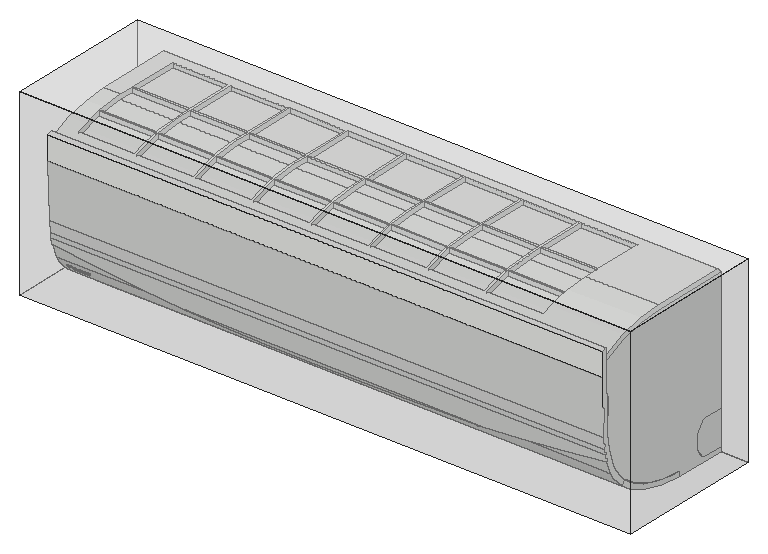
Revit family "outputfile", category 機械設備, Revit 2024
Family settings
  丸型コネクタ寸法 = 半径を使用
  パーツ タイプ = 標準
  OmniClass 番号 = 23.75.10.24.21.27.27
  OmniClass タイトル = Split System Air Conditioning Units
  作業面ベース = いいえ
  常に垂直 = はい
  ロード時にボイドで切り取り = いいえ
  注釈の向きを維持 = いいえ
  共有 = いいえ
  部屋計算ポイント = いいえ
Parameters (values of type "FTXV60W2VMA")
  Description = ""
  書き出し IFC クラス(タイプ) = "IfcUnitaryEquipmentType"
  定義済み IFC タイプ(タイプ) = "AIRCONDITIONINGUNIT"
  Cost = 0
  Type Comments = ""
  Keynote = ""
  Type Image = (empty or 0)
  Assembly Code = ""
  w_wall hole = if(Width = 770.0 mm, 48.0 mm, 60.0 mm)  # 60.0 mm
  製造元 = "Daikin"
  モデル = "FTXV60W2VMA"
  switch_frequency = yes
  r_Liquid Pipe Size = Liquid Pipe Size / 2  # 3.2 mm
  r_Gas Pipe Size = Gas Pipe Size / 2  # 6.35 mm
  r_Drain Pipe Size = Drain Pipe Size / 2  # 8.0 mm
  lw_powersupply [instance] = if(Width = 770.0 mm, if(or(Rear Right Connection_refrigerant, Bottom Right Connection_refrigerant), 25.0 mm, if(or(Rear Left Connection_refrigerant, Bottom Left Connection_refrigerant), 745.0 mm, 400.0 mm)), if(Width = 990.0 mm, if(or(Rear Right Connection_refrigerant, Bottom Right Connection_refrigerant), 40.0 mm, if(or(Rear Left Connection_refrigerant, Bottom Left Connection_refrigerant), 920.0 mm, 400.0 mm)), if(or(Rear Right Connection_refrigerant, Bottom Right Connection_refrigerant), 40.0 mm, if(or(Rear Left Connection_refrigerant, Bottom Left Connection_refrigerant), 920.0 mm, 400.0 mm))))  # 400.0 mm
  lw_liquidpipe [instance] = if(Width = 770.0 mm, if(or(Rear Right Connection_refrigerant, Bottom Right Connection_refrigerant), 0.0 mm, if(or(Rear Left Connection_refrigerant, Bottom Left Connection_refrigerant), 664.0 mm, 385.0 mm)), if(Width = 990.0 mm, if(or(Rear Right Connection_refrigerant, Bottom Right Connection_refrigerant), 0.0 mm, if(or(Rear Left Connection_refrigerant, Bottom Left Connection_refrigerant), 664.0 mm + (990.0 mm - 770.0 mm), 475.0 mm)), if(or(Rear Right Connection_refrigerant, Bottom Right Connection_refrigerant), 0.0 mm, if(or(Rear Left Connection_refrigerant, Bottom Left Connection_refrigerant), 664.0 mm + (990.0 mm - 770.0 mm), 475.0 mm))))  # 475.0 mm
  lw_gaspipe [instance] = if(Width = 770.0 mm, if(or(Rear Right Connection_refrigerant, Bottom Right Connection_refrigerant), 0.0 mm, if(or(Rear Left Connection_refrigerant, Bottom Left Connection_refrigerant), 675.0 mm, if(Gas Pipe Size = 12.7 mm, 345.0 mm, 335.0 mm))), if(Width = 990.0 mm, if(or(Rear Right Connection_refrigerant, Bottom Right Connection_refrigerant), 10.0 mm, if(or(Rear Left Connection_refrigerant, Bottom Left Connection_refrigerant), 890.0 mm, if(Gas Pipe Size = 15.9 mm, 410.0 mm, 400.0 mm))), if(or(Rear Right Connection_refrigerant, Bottom Right Connection_refrigerant), 10.0 mm, if(or(Rear Left Connection_refrigerant, Bottom Left Connection_refrigerant), 890.0 mm, if(Gas Pipe Size = 15.9 mm, 410.0 mm, 400.0 mm)))))  # 400.0 mm
  lw_drainpipe [instance] = if(Width = 770.0 mm, if(or(Rear Right Connection_refrigerant, Bottom Right Connection_refrigerant), 0.0 mm, if(or(Rear Left Connection_refrigerant, Bottom Left Connection_refrigerant), 770.0 mm - 48.0 mm - 48.0 mm, 440.0 mm)), if(Width = 990.0 mm, if(or(Rear Right Connection_refrigerant, Bottom Right Connection_refrigerant), 0.0 mm, if(or(Rear Left Connection_refrigerant, Bottom Left Connection_refrigerant), 675.0 mm + (990.0 mm - 770.0 mm), 435.0 mm)), if(or(Rear Right Connection_refrigerant, Bottom Right Connection_refrigerant), 0.0 mm, if(or(Rear Left Connection_refrigerant, Bottom Left Connection_refrigerant), 675.0 mm + (990.0 mm - 770.0 mm), 435.0 mm))))  # 435.0 mm
  l_powersupply_length [instance] = if(Width = 770.0 mm, if(Right Connection_refrigerant, 400.0 mm, if(Left Connection_refrigerant, 770.0 mm - 400.0 mm, if(or(Rear Left Connection_refrigerant, Rear Right Connection_refrigerant), 15.0 mm, 50.0 mm))), if(Width = 990.0 mm, if(Right Connection_refrigerant, 400.0 mm, if(Left Connection_refrigerant, 990.0 mm - 400.0 mm, if(or(Rear Left Connection_refrigerant, Rear Right Connection_refrigerant), 15.0 mm, 50.0 mm))), if(Right Connection_refrigerant, 400.0 mm, if(Left Connection_refrigerant, 990.0 mm - 400.0 mm, if(or(Rear Left Connection_refrigerant, Rear Right Connection_refrigerant), 15.0 mm, 50.0 mm)))))  # 400.0 mm
  l_liquidpipe_length [instance] = if(Width = 770.0 mm, if(Right Connection_refrigerant, 433.0 mm, if(Left Connection_refrigerant, 337.0 mm, if(or(Rear Left Connection_refrigerant, Rear Right Connection_refrigerant), 30.0 mm, 40.0 mm))), if(Width = 990.0 mm, if(Right Connection_refrigerant, 535.0 mm, if(Left Connection_refrigerant, 455.0 mm, if(or(Rear Left Connection_refrigerant, Rear Right Connection_refrigerant), 30.0 mm, 40.0 mm))), if(Right Connection_refrigerant, 535.0 mm, if(Left Connection_refrigerant, 455.0 mm, if(or(Rear Left Connection_refrigerant, Rear Right Connection_refrigerant), 30.0 mm, 40.0 mm)))))  # 535.0 mm
  l_gaspipe_length [instance] = if(Width = 770.0 mm, if(Right Connection_refrigerant, if(Gas Pipe Size = 12.7 mm, 393.0 mm, 383.0 mm), if(Left Connection_refrigerant, if(Gas Pipe Size = 12.7 mm, 770.0 mm - 393.0 mm, 770.0 mm - 383.0 mm), if(or(Rear Left Connection_refrigerant, Rear Right Connection_refrigerant), 40.0 mm, 50.0 mm))), if(Width = 990.0 mm, if(Right Connection_refrigerant, if(Gas Pipe Size = 15.9 mm, 470.0 mm, 460.0 mm), if(Left Connection_refrigerant, if(Gas Pipe Size = 15.9 mm, 990.0 mm - 470.0 mm, 990.0 mm - 460.0 mm), if(or(Rear Left Connection_refrigerant, Rear Right Connection_refrigerant), 40.0 mm, 50.0 mm))), if(Right Connection_refrigerant, if(Gas Pipe Size = 15.9 mm, 470.0 mm, 460.0 mm), if(Left Connection_refrigerant, if(Gas Pipe Size = 15.9 mm, 990.0 mm - 470.0 mm, 990.0 mm - 460.0 mm), if(or(Rear Left Connection_refrigerant, Rear Right Connection_refrigerant), 40.0 mm, 50.0 mm)))))  # 460.0 mm
  l_drainpipe_length [instance] = if(Width = 770.0 mm, if(Right Connection_refrigerant, 488.0 mm, if(Left Connection_refrigerant, 282.0 mm, if(or(Rear Left Connection_refrigerant, Rear Right Connection_refrigerant), 15.0 mm, 20.0 mm))), if(Width = 990.0 mm, if(Right Connection_refrigerant, 495.0 mm, if(Left Connection_refrigerant, 495.0 mm, if(or(Rear Left Connection_refrigerant, Rear Right Connection_refrigerant), 15.0 mm, 20.0 mm))), if(Right Connection_refrigerant, 495.0 mm, if(Left Connection_refrigerant, 495.0 mm, if(or(Rear Left Connection_refrigerant, Rear Right Connection_refrigerant), 15.0 mm, 20.0 mm)))))  # 495.0 mm
  h*** = 0.0 mm  # constant formula
  connector_voltage = Voltage_50Hz  # 230 V
  connector_powerinput = if([Power Input (Cooling)] > [Power Input (Heating)], [Power Input (Cooling)], [Power Input (Heating)])  # 0.000 kW
  connector_phase = Phase_50Hz  # 1
  angle_vertical [instance] = if(or(Bottom Left Connection_refrigerant, Bottom Right Connection_refrigerant), 0.00°, 90.00°)  # 90.00°
  angle_horizontal [instance] = if(Right Connection_refrigerant, 90.00°, if(Left Connection_refrigerant, -90.00°, if(or(Rear Left Connection_refrigerant, Rear Right Connection_refrigerant), 180.00°, 0.00°)))  # 90.00°
  Width = 990.0 mm
  Voltage_comment_50Hz = "220 - 240"
  Voltage_50Hz = 230 V
  Version = "ver.1.0"
  Unit Type = "Wall Mounted"
  Unit Mass Weight = 13.00 kg
  Unit Designation [instance] = ""
  Uniclass2015Version = "Products v1.30"
  Uniclass2015Title = "Split coil room air conditioning units"
  Uniclass2015Code = "Pr_70_65_03_86"
  URL = ""
  Total Heating Capacity [instance] = 0.000 kW
  Total Cooling Capacity [instance] = 0.000 kW
  Sound Pressure Level_M speed (dBA) = 42
  Sound Pressure Level_L speed (dBA) = 36
  Sound Pressure Level_H speed (dBA) = 48
  Sound Power Level_H speed (dB) = 0
  Series = "Single Split_Fan Coil Unit"
  Sensible Cooling Capacity [instance] = 0.000 kW
  Refrigerant Type = "R32"
  Power Input (Heating) = 0.000 kW
  Power Input (Cooling) = 0.000 kW
  Phase_50Hz = 1
  Option Accessory 3 [instance] = ""
  Option Accessory 2 [instance] = ""
  Option Accessory 1 [instance] = ""
  Nominal Heating Capacity = 7.200 kW
  Nominal Cooling Capacity = 6.000 kW
  Minimum Circuit Amps_50Hz = 0.0 A
  Minimum Airflow = 720.00 m³/h
  Median Airflow = 900.00 m³/h
  Maximum Fuse Amps_50Hz = 0.0 A
  Maximum Airflow = 1120.00 m³/h
  Material_Casing = DAIKIN_PureWhite_Casing_indoorunit
  Load Classification = HVAC
  Liquid Pipe Size = 6.4 mm
  Link_Nested Family [instance] = ""
  IfcVersion = ""
  IfcExportType = "AIRCONDITIONINGUNIT"
  IfcExportAs = "IfcUnitaryEquipmentType"
  Height = 295.0 mm
  Heating Entering Wet Bulb Temperature [instance] = -273.15 °C
  Heating Entering Dry Bulb Temperature [instance] = -273.15 °C
  Heating Ambient Wet Bulb Temperature [instance] = -273.15 °C
  Heating Ambient Dry Bulb Temperature [instance] = -273.15 °C
  Heat Exchanger Type = "Cross Fin Coil"
  Gas Pipe Size = 12.7 mm
  Frequency_50Hz = 50 Hz
  Fan Type = "Cross Flow Fan"
  Fan Drive = "Direct Drive"
  FCU Tag No. [instance] = ""
  Drain Pipe Size = 16.0 mm
  Design Supply Airflow [instance] = 0.00 m³/h
  Depth = 263.0 mm
  既定の高さ = 0.0 mm
  Cooling Entering Wet Bulb Temperature [instance] = 0.00 °C
  Cooling Entering Dry Bulb Temperature [instance] = 0.00 °C
  Cooling Ambient Wet Bulb Temperature [instance] = 0.00 °C
  Cooling Ambient Dry Bulb Temperature [instance] = 0.00 °C
  Clearance visibility [instance] = yes
  Clearance Top = 30.0 mm
  Clearance Right = 50.0 mm
  Clearance Rear = 0.0 mm
  Clearance Left = 50.0 mm
  Clearance Front = 0.0 mm
  Clearance Bottom = 0.0 mm
  Bottom Right Connection_refrigerant [instance] = no
  Bottom Left Connection_refrigerant [instance] = no
  Rear Right Connection_refrigerant [instance] = no
  Rear Left Connection_refrigerant [instance] = no
  Right Connection_refrigerant [instance] = yes
  Left Connection_refrigerant [instance] = no
Reference planes
  plane 1 "Back": y = 0
  plane 2: z = 0
  plane 3 "Center (Left/Right)": x = 0
  plane 4 "Center (Front/Back)": y = -131.5
  plane 5 "Front": y = -263
  plane 6 "Left": x = -495
  plane 7 "Right": x = 495
  plane 8 "Top": z = 0
  plane 9 "Bottom": z = -295
  plane 10: x = -545
  plane 11: x = 545
  plane 12: y = 0
  plane 13: y = -263
  plane 14: z = 30
  plane 15: z = -295
  plane 16 "lw_Piping and Wiring intake": x = 435
  plane 17 "lw_gaspipe": x = 35
  plane 18 "lw_liquidpipe": x = -40
  plane 19 "lw_drainpipe": x = 0
  plane 20 "lh_drainpipe": z = -275
  plane 21 "lh_liquidpipe": z = -255
  plane 22 "lh_gaspipe": z = -245
  plane 23 "ld_drainpipe": y = -15
  plane 24 "ld_liquidpipe": y = -30
  plane 25 "ld_gaspipe": y = -40
  plane 26 "lw_powersupply": x = 95
Dimensions and locks
  equal spacing: plane 6 "Left", plane 3 "Center (Left/Right)", plane 7 "Right"
  "Width": plane 6 "Left" to plane 7 "Right"
  equal spacing: plane 5 "Front", plane 4 "Center (Front/Back)", plane 1 "Back"
  "Depth": plane 5 "Front" to plane 1 "Back"
  "Height": plane 8 "Top" to plane 9 "Bottom"
  "Clearance Rear": plane 12 to plane 1 "Back"
  "Clearance Front": plane 13 to plane 5 "Front"
  "Clearance Top": plane 14 to plane 8 "Top"
  "Clearance Bottom": plane 9 "Bottom" to plane 15
  "w_wall hole": plane 16 "lw_Piping and Wiring intake" to plane 7 "Right"
  "lw_gaspipe": plane 17 "lw_gaspipe" to plane 16 "lw_Piping and Wiring intake"
  "lw_liquidpipe": plane 18 "lw_liquidpipe" to plane 16 "lw_Piping and Wiring intake"
  "lw_drainpipe": plane 19 "lw_drainpipe" to plane 16 "lw_Piping and Wiring intake"
  locked: plane 20 "lh_drainpipe" to plane 9 "Bottom" at 20
  locked: plane 21 "lh_liquidpipe" to plane 9 "Bottom" at 40
  locked: plane 22 "lh_gaspipe" to plane 9 "Bottom" at 50
  locked: plane 23 "ld_drainpipe" to plane 1 "Back" at 15
  locked: plane 1 "Back" to plane 24 "ld_liquidpipe" at 30
  locked: plane 1 "Back" to plane 25 "ld_gaspipe" at 40
  "lw_powersupply": plane 26 "lw_powersupply" to plane 7 "Right"
  "Clearance Right": plane 7 "Right" to plane 11
  "Clearance Left": plane 10 to plane 6 "Left"
  aligned and locked: level to plane 2
  aligned and locked: plane 12 to nested 1
  aligned and locked: nested 1 to plane 13
  aligned and locked: plane 10 to nested 1
  aligned and locked: plane 11 to nested 1
  aligned and locked: plane 15 to nested 1
  aligned and locked: plane 14 to nested 1
  aligned and locked: plane 17 "lw_gaspipe" to nested 2
  aligned and locked: nested 2 to plane 25 "ld_gaspipe"
  aligned and locked: plane 18 "lw_liquidpipe" to nested 3
  aligned and locked: nested 3 to plane 24 "ld_liquidpipe"
  aligned and locked: plane 19 "lw_drainpipe" to nested 4
  aligned and locked: nested 4 to plane 23 "ld_drainpipe"
  aligned and locked: nested 5 to plane 23 "ld_drainpipe"
  aligned and locked: plane 26 "lw_powersupply" to nested 5
  aligned and locked: level to plane 8 "Top"
  aligned and locked: plane 3 "Center (Left/Right)" to nested 6
  aligned and locked: plane 1 "Back" to nested 6
  aligned and locked: plane 8 "Top" to nested 6
Nested families
  nested 1: "daikin_clearancespace" at (0, -131.5, -132.381), show <- "Clearance visibility", visible <- "Clearance visibility", Link_Nested Family <- "Link_Nested Family", type "daikin_clearancespace"
    with width 1090.0 mm, show yes, height 325.0 mm, depth 263.0 mm, Link_Nested Family ""
  nested 2: "daikin_connector_rotate3" at (35, -40, -245), angle_vertical <- "angle_vertical", angle_horizontal <- "angle_horizontal", length <- "l_gaspipe_length", radius <- "r_Gas Pipe Size", type "daikin_connector_rotate3"
    with show no, radius 6.35 mm, length 460.0 mm, angle_vertical 90.00°, angle_horizontal 90.00°
  nested 3: "daikin_connector_rotate3" at (-40, -30, -255), angle_vertical <- "angle_vertical", angle_horizontal <- "angle_horizontal", radius <- "r_Liquid Pipe Size", length <- "l_liquidpipe_length", type "daikin_connector_rotate3"
    with show no, radius 3.2 mm, length 535.0 mm, angle_vertical 90.00°, angle_horizontal 90.00°
  nested 4: "daikin_connector_rotate3" at (0, -15, -275), angle_vertical <- "angle_vertical", angle_horizontal <- "angle_horizontal", length <- "l_drainpipe_length", radius <- "r_Drain Pipe Size", type "daikin_connector_rotate3"
    with show no, radius 8.0 mm, length 495.0 mm, angle_vertical 90.00°, angle_horizontal 90.00°
  nested 5: "daikin_connector_rotate3" at (95, -15, -245), angle_vertical <- "angle_vertical", angle_horizontal <- "angle_horizontal", length <- "l_powersupply_length", type "daikin_connector_rotate3"
    with show no, radius 10.0 mm, length 400.0 mm, angle_vertical 90.00°, angle_horizontal 90.00°
  nested 6: "DAIKIN_indoorunit_FTXV-W2VMA" at (-31, 0, 0), type "FTXV-W2VMA"
    with switch_unit1_50-71 yes, switch_unit1_20-46 no, Width 990.0 mm, WALL HOLE-R 60.0 mm, WALL HOLE Size 80.0 mm, Height 295.0 mm
Connectors
  piping at (495, -40, -245), diameter 12.7, driven by "r_Gas Pipe Size"
    settings: on nested 2, index 1, connector inside diameter 609.6 mm, connector length 0.0 mm, flow factor 0, pipe flow 0.00 m³/h, pressure drop 0.0 Pa, fitting loss kfactor 0, connector angle 0.00°, fixture units 0, engagement length 0.0 mm, angle of deflection 0.00°, flow configuration 1, flow direction 2, fitting loss method 0, system type 29, joint type 0, gender type 0, connector reference index -1, connector utility 0, adjustable connector no, is connector primary yes, connector description "Refrigerant Gas Piping"
  piping at (495, -30, -255), diameter 6.4, driven by "r_Liquid Pipe Size"
    settings: on nested 3, index 2, connector inside diameter 609.6 mm, connector length 0.0 mm, flow factor 0, pipe flow 0.00 m³/h, pressure drop 0.0 Pa, fitting loss kfactor 0, connector angle 0.00°, fixture units 0, engagement length 0.0 mm, angle of deflection 0.00°, flow configuration 1, flow direction 1, fitting loss method 0, system type 29, joint type 0, gender type 0, connector reference index -1, connector utility 0, adjustable connector no, is connector primary no, connector description "Refrigerant Liquid Piping"
  piping at (495, -15, -275), diameter 16, driven by "r_Drain Pipe Size"
    settings: on nested 4, index 3, connector inside diameter 609.6 mm, connector length 0.0 mm, flow factor 0, pipe flow 0.00 m³/h, pressure drop 0.0 Pa, fitting loss kfactor 0, connector angle 0.00°, fixture units 0, engagement length 0.0 mm, angle of deflection 0.00°, flow configuration 1, flow direction 2, fitting loss method 4, system type 16, joint type 0, gender type 0, connector reference index -1, connector utility 0, adjustable connector no, is connector primary no, connector description "Condensate Drain Piping"
  electrical at (495, -15, -245), driven by "Load Classification", driven by "connector_phase", driven by "connector_powerinput", driven by "connector_voltage"
    settings: on nested 5, index 4, voltage 230 V, apparent load 0 VA, apparent load phase1 0 VA, apparent load phase2 0 VA, apparent load phase3 0 VA, power factor 1, load classification "HVAC", number of poles 1, system type 30, power factor state 1, is connector primary yes, connector utility no, sub classification motor no, connector description "Power Supply"
Definition of nested family "daikin_clearancespace"
  Parameters (values of type "daikin_clearancespace")
    Description = "daikin_clearancespace"
    width [instance] = 1823.963 mm
    show [instance] = yes
    material = none
    height [instance] = 1359.762 mm
    depth [instance] = 880.0 mm
    Default Elevation = 0.0 mm
    Link_Nested Family [instance] = ""
  Reference planes
    plane 1 "Center (Front/Back)": y = 0
    plane 2 "Center (Elevation)": z = -0.119
    plane 3 "Center (Left/Right)": x = 0
    plane 4: y = 440
    plane 5: y = -440
    plane 6 "Right": x = 911.982
    plane 7 "Left": x = -911.982
    plane 8 "Top": z = 679.762
    plane 9 "Bottom": z = -680
  Forms (mm)
    Extrusion 1, solid, material <- "material", visible <- "show"
      sketch origin (0, 0, 0) x (1, 0, 0) y (0, 1, 0)
        loop
          line (-911.982, 440) -> (-911.982, -440) -> (911.982, -440) -> (911.982, 440) -> (-911.982, 440)
      from -680 to 679.762
  Lines and regions (mm)
    symbolic lines, visible <- "show"
      curve 1: line (911.982, 440, 0) -> (-911.982, 440, 0)
      curve 2: line (-911.982, 440, 0) -> (-911.982, -440, 0)
      curve 3: line (-911.982, -440, 0) -> (911.982, -440, 0)
      curve 4: line (911.982, -440, 0) -> (911.982, 440, 0)
      curve 5: line (911.982, 0, 679.762) -> (-911.982, 0, 679.762)
      curve 6: line (911.982, 0, -680) -> (911.982, 0, 679.762)
      curve 7: line (-911.982, 0, -680) -> (911.982, 0, -680)
      curve 8: line (-911.982, 0, 679.762) -> (-911.982, 0, -680)
      curve 9: line (0, 440, 679.762) -> (0, -440, 679.762)
      curve 10: line (0, -440, 679.762) -> (0, -440, -680)
      curve 11: line (0, 440, -680) -> (0, 440, 679.762)
      curve 12: line (0, -440, -680) -> (0, 440, -680)
  Dimensions and locks
    "width": plane 7 "Left" to plane 6 "Right"
    "depth": plane 4 to plane 5
    "height": plane 8 "Top" to plane 9 "Bottom"
    equal spacing: plane 7 "Left", plane 3 "Center (Left/Right)", plane 6 "Right"
    equal spacing: plane 4, plane 1 "Center (Front/Back)", plane 5
    equal spacing: plane 8 "Top", plane 2 "Center (Elevation)", plane 9 "Bottom"
    aligned and locked: level to plane 2 "Center (Elevation)"
    aligned and locked: Extrusion 1 sketch curve to plane 4
    aligned and locked: plane 7 "Left" to Extrusion 1 sketch curve
    aligned and locked: Extrusion 1 sketch curve to plane 5
    aligned and locked: Extrusion 1 sketch curve to plane 6 "Right"
    aligned and locked: plane 8 "Top" to Extrusion 1
    aligned and locked: curve 1 to Extrusion 1
    aligned and locked: curve 2 to Extrusion 1
    aligned and locked: curve 3 to Extrusion 1
    aligned and locked: curve 4 to Extrusion 1
    aligned and locked: curve 5 to Extrusion 1
    aligned and locked: curve 6 to Extrusion 1
    aligned and locked: curve 7 to Extrusion 1
    aligned and locked: curve 8 to Extrusion 1
    aligned and locked: curve 9 to Extrusion 1
    aligned and locked: curve 10 to Extrusion 1
    aligned and locked: curve 11 to Extrusion 1
    aligned and locked: curve 12 to Extrusion 1
    aligned and locked: Extrusion 1 to plane 9 "Bottom"
Definition of nested family "DAIKIN_indoorunit_FTXV-W2VMA"
  Parameters (values of type "FTKM-QVMA")
    switch_unit1_50-71 = Width = 990.0 mm  # no
    switch_unit1_20-46 = Width = 770.0 mm  # yes
    Width = 770.0 mm
    WALL HOLE-R = if(Width = 770.0 mm, 48.0 mm, 60.0 mm)  # 48.0 mm
    WALL HOLE Size = if(Width = 770.0 mm, 65.0 mm, 80.0 mm)  # 65.0 mm
    Material_Casing = none
    Height = if(Width = 770.0 mm, 285.0 mm, 295.0 mm)  # 285.0 mm
    Default Elevation = 0.0 mm
  Reference planes
    plane 1 "Center (Front/Back)": y = 0
    plane 2 "reference_level": z = 0
    plane 3 "Center (Left/Right)": x = 31
    plane 4: x = -354
    plane 5: x = 416
    plane 6: z = -285
  Forms (mm)
    Extrusion 1, solid, material <- "Material_Casing", visible <- "switch_unit1_20-46"
      sketch origin (29, 0, 0) x (0, 1, 0) y (0, 0, 1)
        loop
          line (-5, 0) -> (-98, 0)
          arc (-98, 0) -> (-157.611, -7.211) -> (-213.783, -28.427) r 250
          arc (-213.783, -28.427) -> (-213.842, -32.972) -> (-213.892, -37.516) r 2191
          arc (-213.892, -37.516) -> (-157.832, -15.495) -> (-98.07, -8) r 242
          line (-98.07, -8) -> (0, -8) -> (-5, 0)
      from -383 to 387
    Extrusion 2, solid, material <- "Material_Casing", visible <- "switch_unit1_20-46"
      sketch origin (416, 1296.25, 1200) x (0, 1, 0) y (0, 0, 1)
        loop
          line (-1472.998, -1446.91) -> (-1476.998, -1453.839)
          arc (-1476.998, -1453.839) -> (-1437.481, -1472.422) -> (-1395.25, -1483.538) r 240
          line (-1395.25, -1483.538) -> (-1395.25, -1475.422)
          arc (-1395.25, -1475.422) -> (-1435.407, -1464.663) -> (-1472.998, -1446.91) r 232
      from 0 to -47.5
    Extrusion 3, solid, material <- "Material_Casing", visible <- "switch_unit1_20-46"
      sketch origin (29, 0, 0) x (0, 1, 0) y (0, 0, 1)
        loop
          arc (-223, -60.455) -> (-222.414, -110.646) -> (-220.656, -160.81) r 2149.92
          arc (-220.656, -160.81) -> (-219.65, -174.299) -> (-217.853, -187.706) r 229.911
          arc (-217.853, -187.706) -> (-205.371, -223.594) -> (-181.517, -253.17) r 111
          line (-181.517, -253.17) -> (-177.429, -246.093)
          arc (-177.429, -246.093) -> (-198.77, -218.989) -> (-209.965, -186.36) r 103
          arc (-209.965, -186.36) -> (-211.681, -173.586) -> (-212.651, -160.735) r 221.844
          arc (-212.651, -160.735) -> (-214.739, -93.233) -> (-214.74, -25.699) r 2186.828
          arc (-214.74, -25.699) -> (-214.671, -21.467) -> (-214.594, -17.235) r 2192
          line (-214.594, -17.235) -> (-223, -19.961) -> (-223, -60.455)
      from -383 to 387
    Extrusion 4, solid, material <- "Material_Casing", visible <- "switch_unit1_20-46"
      sketch origin (29, 0, 0) x (0, 1, 0) y (0, 0, 1)
        loop
          line (-181.517, -253.17) -> (-179.597, -249.846)
          arc (-179.597, -249.846) -> (-202.009, -221.399) -> (-213.189, -186.952) r 103
          line (-213.189, -186.952) -> (-217.853, -187.706)
          arc (-217.853, -187.706) -> (-217.533, -189.556) -> (-217.182, -191.4) r 111
          arc (-217.182, -191.4) -> (-213.806, -208.181) -> (-210.362, -224.948) r 4257.809
          arc (-210.362, -224.948) -> (-198.886, -237.857) -> (-186.225, -249.607) r 180
          line (-186.225, -249.607) -> (-181.517, -253.17)
      from -383 to 387
    Extrusion 5, solid, material <- "Material_Casing", visible <- "switch_unit1_20-46"
      sketch origin (29, 0, -20) x (0, 1, 0) y (0, 0, 1)
        loop
          line (0, -265) -> (0, 12) -> (-98.07, 12)
          arc (-98.07, 12) -> (-157.832, 4.505) -> (-213.892, -17.516) r 242
          arc (-213.892, -17.516) -> (-213.638, -79.114) -> (-211.653, -140.681) r 2191
          arc (-211.653, -140.681) -> (-210.685, -153.501) -> (-208.973, -166.243) r 221
          arc (-208.973, -166.243) -> (-197.471, -199.282) -> (-175.482, -226.491) r 102
          arc (-175.482, -226.491) -> (-138.004, -244.019) -> (-98, -254.579) r 231
          line (-98, -254.579) -> (-98, -265) -> (0, -265)
      from -383 to 387
    Extrusion 6, solid, material <- "Material_Casing", visible <- "switch_unit1_20-46"
      sketch origin (-354, 1296.25, 1200) x (0, 1, 0) y (0, 0, 1)
        loop
          line (-1472.998, -1446.91) -> (-1476.998, -1453.839)
          arc (-1476.998, -1453.839) -> (-1437.481, -1472.422) -> (-1395.25, -1483.538) r 240
          line (-1395.25, -1483.538) -> (-1395.25, -1475.422)
          arc (-1395.25, -1475.422) -> (-1435.407, -1464.663) -> (-1472.998, -1446.91) r 232
      from 47 to 0
    Extrusion 7, solid, material <- "Material_Casing", visible <- "switch_unit1_20-46"
      sketch origin (416, 1296.25, 1200) x (0, 1, 0) y (0, 0, 1)
        loop
          line (-1472.998, -1446.91) -> (-1476.998, -1453.839)
          arc (-1476.998, -1453.839) -> (-1443.437, -1470.168) -> (-1407.75, -1481.097) r 240
          line (-1407.75, -1481.097) -> (-1407.75, -1472.894)
          arc (-1407.75, -1472.894) -> (-1441.363, -1462.385) -> (-1472.998, -1446.91) r 232
      from -116.993 to -48.493
    Extrusion 8, solid, material <- "Material_Casing", visible <- "switch_unit1_20-46"
      sketch origin (416, 1296.25, 1200) x (0, 1, 0) y (0, 0, 1)
        loop
          line (-1472.998, -1446.91) -> (-1476.998, -1453.839)
          arc (-1476.998, -1453.839) -> (-1443.437, -1470.168) -> (-1407.75, -1481.097) r 240
          line (-1407.75, -1481.097) -> (-1407.75, -1472.894)
          arc (-1407.75, -1472.894) -> (-1441.363, -1462.385) -> (-1472.998, -1446.91) r 232
      from -717 to -121.993
    Extrusion 9, void
      sketch origin (31, 0, -235) x (1, 0, 0) y (0, 1, 0)
        loop
          line (-252.674, -22.316) -> (-354.941, -22.316) -> (-354.941, -91.341) -> (-252.674, -91.341) -> (-252.674, -22.316)
        loop
          line (-249.341, -91.341) -> (-151.574, -91.341) -> (-151.574, -22.316) -> (-249.341, -22.316) -> (-249.341, -91.341)
        loop
          line (58.309, -22.316) -> (-148.309, -22.316) -> (-148.309, -91.341) -> (58.309, -91.341) -> (58.309, -22.316)
        loop
          line (61.689, -22.316) -> (61.689, -91.341) -> (159.457, -91.341) -> (159.457, -22.316) -> (61.689, -22.316)
        loop
          line (162.789, -22.316) -> (162.789, -91.341) -> (265.057, -91.341) -> (265.057, -22.316) -> (162.789, -22.316)
        loop
          line (-354.941, -94.659) -> (-354.941, -165.259) -> (-252.674, -165.259) -> (-252.674, -94.659) -> (-354.941, -94.659)
        loop
          line (-249.341, -94.659) -> (-249.341, -165.259) -> (-151.574, -165.259) -> (-151.574, -94.659) -> (-249.341, -94.659)
        loop
          line (-148.309, -94.659) -> (-148.309, -165.259) -> (58.309, -165.259) -> (58.309, -94.659) -> (-148.309, -94.659)
        loop
          line (61.689, -94.659) -> (61.689, -165.259) -> (159.457, -165.259) -> (159.457, -94.659) -> (61.689, -94.659)
        loop
          line (162.789, -94.659) -> (162.789, -165.259) -> (265.057, -165.259) -> (265.057, -94.659) -> (162.789, -94.659)
        loop
          line (-354.941, -167.382) -> (-354.941, -192.681) -> (-252.674, -192.681) -> (-252.674, -167.382) -> (-354.941, -167.382)
        loop
          line (-249.341, -167.382) -> (-249.341, -192.681) -> (-151.574, -192.681) -> (-151.574, -167.382) -> (-249.341, -167.382)
        loop
          line (-148.309, -167.382) -> (-148.309, -192.681) -> (58.309, -192.681) -> (58.309, -167.382) -> (-148.309, -167.382)
        loop
          line (159.457, -167.382) -> (61.689, -167.382) -> (61.689, -192.681) -> (159.457, -192.681) -> (159.457, -167.382)
        loop
          line (265.057, -167.382) -> (162.789, -167.382) -> (162.789, -192.681) -> (265.057, -192.681) -> (265.057, -167.382)
      from 201.638 to 250
    Extrusion 10, void
      sketch origin (31, 0, 0) x (1, 0, 0) y (0, 0, 1)
        loop
          arc (597, -174.907) -> (0.056, -245.263) -> (-597, -175.856) r 2585.042
          line (-597, -175.856) -> (-597, -352.872) -> (597, -352.872) -> (597, -174.907)
      from 173 to 315.3
    Extrusion 11, solid, material <- "Material_Casing"
      sketch origin (31, 0, 0) x (1, 0, 0) y (0, 0, 1)
        loop
          circle (337, -240.5) r 32.5
        loop
          circle (-337, -240.5) r 32.5
      from 0 to 5
    Extrusion 12, solid, material <- "Material_Casing", visible <- "switch_unit1_20-46"
      sketch origin (416, 1296.25, 1200) x (0, -1, 0) y (0, 0, 1)
        loop
          line (1326.25, -1417) -> (1296.25, -1417) -> (1296.25, -1477) -> (1326.25, -1477)
          arc (1326.25, -1477) -> (1340.393, -1471.142) -> (1346.25, -1457) r 20
          line (1346.25, -1457) -> (1346.25, -1437)
          arc (1346.25, -1437) -> (1340.393, -1422.858) -> (1326.25, -1417) r 20
      from 0 to 5
    Extrusion 13, solid, material <- "Material_Casing", visible <- "switch_unit1_20-46"
      sketch origin (-354, 1296.25, 1200) x (0, 1, 0) y (0, 0, 1)
        loop
          line (-1296.25, -1417) -> (-1326.25, -1417)
          arc (-1326.25, -1417) -> (-1340.393, -1422.858) -> (-1346.25, -1437) r 20
          line (-1346.25, -1437) -> (-1346.25, -1457)
          arc (-1346.25, -1457) -> (-1340.393, -1471.142) -> (-1326.25, -1477) r 20
          line (-1326.25, -1477) -> (-1296.25, -1477) -> (-1296.25, -1417)
      from 0 to 5
    Extrusion 14, solid, material <- "Material_Casing", visible <- "switch_unit1_20-46"
      sketch origin (31, 0, -285) x (-1, 0, 0) y (0, -1, 0)
        loop
          line (-314, 0) -> (-314, 30)
          arc (-314, 30) -> (-319.858, 44.142) -> (-334, 50) r 20
          line (-334, 50) -> (-354, 50)
          arc (-354, 50) -> (-368.142, 44.142) -> (-374, 30) r 20
          line (-374, 30) -> (-374, 0) -> (-314, 0)
        loop
          line (374, 0) -> (374, 30)
          arc (374, 30) -> (368.142, 44.142) -> (354, 50) r 20
          line (354, 50) -> (334, 50)
          arc (334, 50) -> (319.858, 44.142) -> (314, 30) r 20
          line (314, 30) -> (314, 0) -> (374, 0)
      from 0 to 5
    Extrusion 15, solid, material <- "Material_Casing", visible <- "switch_unit1_50-71"
      sketch origin (31, 0, 0) x (0, 1, 0) y (0, 0, 1)
        loop
          line (-5, 0) -> (-138, 0)
          arc (-138, 0) -> (-197.611, -7.211) -> (-253.783, -28.427) r 250
          arc (-253.783, -28.427) -> (-253.838, -32.687) -> (-253.886, -36.946) r 2191
          arc (-253.886, -36.946) -> (-197.73, -15.346) -> (-138.014, -8) r 246.393
          line (-138.014, -8) -> (0, -8) -> (-5, 0)
      from -495 to 495
    Extrusion 16, solid, material <- "Material_Casing", visible <- "switch_unit1_50-71"
      sketch origin (418, 1296.25, 1200) x (0, 1, 0) y (0, 0, 1)
        loop
          arc (-1515.208, -1454.149) -> (-1506.856, -1460.599) -> (-1497.925, -1466.219) r 110
          arc (-1497.925, -1466.219) -> (-1445.718, -1487.493) -> (-1389.844, -1494.995) r 223
          line (-1389.844, -1494.995) -> (-1389.844, -1486.086) -> (-1404.386, -1486.086)
          arc (-1404.386, -1486.086) -> (-1449.542, -1477.46) -> (-1491.818, -1459.402) r 214.289
          arc (-1491.818, -1459.402) -> (-1501.056, -1453.541) -> (-1509.606, -1446.715) r 101
          line (-1509.606, -1446.715) -> (-1515.208, -1454.149)
      from 108 to 57.5
    Extrusion 17, solid, material <- "Material_Casing", visible <- "switch_unit1_50-71"
      sketch origin (31, 0, 0) x (0, 1, 0) y (0, 0, 1)
        loop
          line (-263, -19.962) -> (-263, -61.6)
          arc (-263, -61.6) -> (-262.414, -110.219) -> (-260.656, -158.81) r 2017.341
          arc (-260.656, -158.81) -> (-255.648, -191.935) -> (-244.041, -223.362) r 164.725
          arc (-244.041, -223.362) -> (-233.569, -239.793) -> (-219.717, -253.495) r 87.379
          line (-219.717, -253.495) -> (-214.706, -246.846)
          arc (-214.706, -246.846) -> (-229.564, -230.029) -> (-240.385, -210.371) r 102
          arc (-240.385, -210.371) -> (-249.049, -182.962) -> (-252.848, -154.467) r 165.789
          arc (-252.848, -154.467) -> (-254.771, -90.102) -> (-254.74, -25.708) r 2122.533
          arc (-254.74, -25.708) -> (-254.671, -21.469) -> (-254.594, -17.23) r 2192
          line (-254.594, -17.23) -> (-263, -19.962)
      from -495 to 495
    Extrusion 18, void
      sketch origin (33, 0, 0) x (1, 0, 0) y (0, 1, 0)
        loop
          line (-466.909, -22.316) -> (-466.909, -111.341) -> (-366.303, -111.341) -> (-366.303, -22.316) -> (-466.909, -22.316)
        loop
          line (-362.71, -22.316) -> (-362.71, -111.341) -> (-262.103, -111.341) -> (-262.103, -22.316) -> (-362.71, -22.316)
        loop
          line (-258.51, -22.316) -> (-258.51, -111.341) -> (-157.904, -111.341) -> (-157.904, -22.316) -> (-258.51, -22.316)
        loop
          line (-154.31, -22.316) -> (-154.31, -111.341) -> (-53.704, -111.341) -> (-53.704, -22.316) -> (-154.31, -22.316)
        loop
          line (-50.11, -22.316) -> (-50.11, -111.341) -> (50.496, -111.341) -> (50.496, -22.316) -> (-50.11, -22.316)
        loop
          line (54.089, -22.316) -> (54.089, -111.341) -> (154.696, -111.341) -> (154.696, -22.316) -> (54.089, -22.316)
        loop
          line (158.289, -22.316) -> (158.289, -111.341) -> (258.895, -111.341) -> (258.895, -22.316) -> (158.289, -22.316)
        loop
          line (262.489, -22.316) -> (262.489, -111.341) -> (363.095, -111.341) -> (363.095, -22.316) -> (262.489, -22.316)
        loop
          line (-466.909, -114.459) -> (-466.909, -185.059) -> (-366.303, -185.059) -> (-366.303, -114.459) -> (-466.909, -114.459)
        loop
          line (-362.71, -114.459) -> (-362.71, -185.059) -> (-262.103, -185.059) -> (-262.103, -114.459) -> (-362.71, -114.459)
        loop
          line (-258.51, -114.459) -> (-258.51, -185.059) -> (-157.904, -185.059) -> (-157.904, -114.459) -> (-258.51, -114.459)
        loop
          line (-154.31, -114.459) -> (-154.31, -185.059) -> (-53.704, -185.059) -> (-53.704, -114.459) -> (-154.31, -114.459)
        loop
          line (-50.11, -114.459) -> (-50.11, -185.059) -> (50.496, -185.059) -> (50.496, -114.459) -> (-50.11, -114.459)
        loop
          line (54.089, -114.459) -> (54.089, -185.059) -> (154.696, -185.059) -> (154.696, -114.459) -> (54.089, -114.459)
        loop
          line (158.289, -114.459) -> (158.289, -185.059) -> (258.895, -185.059) -> (258.895, -114.459) -> (158.289, -114.459)
        loop
          line (262.489, -114.459) -> (262.489, -185.059) -> (363.095, -185.059) -> (363.095, -114.459) -> (262.489, -114.459)
        loop
          line (-466.909, -187.382) -> (-466.909, -232.681) -> (-366.303, -232.681) -> (-366.303, -187.382) -> (-466.909, -187.382)
        loop
          line (-362.71, -187.382) -> (-362.71, -232.681) -> (-262.103, -232.681) -> (-262.103, -187.382) -> (-362.71, -187.382)
        loop
          line (-258.51, -187.382) -> (-258.51, -232.681) -> (-157.904, -232.681) -> (-157.904, -187.382) -> (-258.51, -187.382)
        loop
          line (-154.31, -187.382) -> (-154.31, -232.681) -> (-53.704, -232.681) -> (-53.704, -187.382) -> (-154.31, -187.382)
        loop
          line (-50.11, -187.382) -> (-50.11, -232.681) -> (50.496, -232.681) -> (50.496, -187.382) -> (-50.11, -187.382)
        loop
          line (54.089, -187.382) -> (54.089, -232.681) -> (154.696, -232.681) -> (154.696, -187.382) -> (54.089, -187.382)
        loop
          line (158.289, -187.382) -> (158.289, -232.681) -> (258.895, -232.681) -> (258.895, -187.382) -> (158.289, -187.382)
        loop
          line (262.489, -187.382) -> (262.489, -232.681) -> (363.095, -232.681) -> (363.095, -187.382) -> (262.489, -187.382)
      from -40.013 to 47.268
    Extrusion 19, void
      sketch origin (33, 0, 2300) x (1, 0, 0) y (0, 0, 1)
        loop
          line (705, -2672.872) -> (705, -2462.4)
          arc (705, -2462.4) -> (-2.043, -2534.819) -> (-709, -2461.567) r 3467.757
          line (-709, -2461.567) -> (-709, -2672.872) -> (705, -2672.872)
      from 173 to 315.3
    Extrusion 20, solid, material <- "Material_Casing", visible <- "switch_unit1_50-71"
      sketch origin (-356, 1296.25, 1200) x (0, 1, 0) y (0, 0, -1)
        loop
          line (-1515.208, 1454.149) -> (-1509.606, 1446.715)
          arc (-1509.606, 1446.715) -> (-1501.056, 1453.541) -> (-1491.818, 1459.402) r 101
          arc (-1491.818, 1459.402) -> (-1449.542, 1477.46) -> (-1404.386, 1486.086) r 214.289
          line (-1404.386, 1486.086) -> (-1389.844, 1486.086) -> (-1389.844, 1494.995)
          arc (-1389.844, 1494.995) -> (-1445.718, 1487.493) -> (-1497.925, 1466.219) r 223
          arc (-1497.925, 1466.219) -> (-1506.856, 1460.599) -> (-1515.208, 1454.149) r 110
      from 108 to 61
    Extrusion 21, solid, material <- "Material_Casing", visible <- "switch_unit1_50-71"
      sketch origin (418, 1296.25, 1200) x (0, 1, 0) y (0, 0, 1)
        loop
          arc (-1515.208, -1454.149) -> (-1506.856, -1460.599) -> (-1497.925, -1466.219) r 110
          arc (-1497.925, -1466.219) -> (-1463.185, -1482.066) -> (-1426.25, -1491.755) r 223
          line (-1426.25, -1491.755) -> (-1426.25, -1483.166)
          arc (-1426.25, -1483.166) -> (-1460.008, -1473.969) -> (-1491.818, -1459.402) r 214.289
          arc (-1491.818, -1459.402) -> (-1501.056, -1453.541) -> (-1509.606, -1446.715) r 101
          line (-1509.606, -1446.715) -> (-1515.208, -1454.149)
      from 56.5 to -36.993
    Extrusion 22, solid, material <- "Material_Casing", visible <- "switch_unit1_50-71"
      sketch origin (418, 1296.25, 1200) x (0, 1, 0) y (0, 0, 1)
        loop
          arc (-1426.25, -1483.166) -> (-1443.442, -1479.224) -> (-1460.25, -1473.881) r 214.289
          line (-1460.25, -1473.881) -> (-1460.25, -1483.089)
          arc (-1460.25, -1483.089) -> (-1443.421, -1488.091) -> (-1426.25, -1491.755) r 223
          line (-1426.25, -1491.755) -> (-1426.25, -1483.166)
      from -43.493 to -828.893
    Extrusion 23, solid, material <- "Material_Casing", visible <- "switch_unit1_50-71"
      sketch origin (418, 1296.25, 1200) x (0, 1, 0) y (0, 0, 1)
        loop
          arc (-1515.208, -1454.149) -> (-1506.856, -1460.599) -> (-1497.925, -1466.219) r 110
          arc (-1497.925, -1466.219) -> (-1479.479, -1475.527) -> (-1460.25, -1483.089) r 223
          line (-1460.25, -1483.089) -> (-1460.25, -1473.881)
          arc (-1460.25, -1473.881) -> (-1476.328, -1467.282) -> (-1491.818, -1459.402) r 214.289
          arc (-1491.818, -1459.402) -> (-1501.056, -1453.541) -> (-1509.606, -1446.715) r 101
          line (-1509.606, -1446.715) -> (-1515.208, -1454.149)
      from -43.493 to -828.893
    Extrusion 24, solid, material <- "Material_Casing", visible <- "switch_unit1_50-71"
      sketch origin (31, 0, 0) x (0, 1, 0) y (0, 0, 1)
        loop
          arc (-217.78, -250.924) -> (-234.088, -233.307) -> (-245.826, -212.366) r 102
          arc (-245.826, -212.366) -> (-251.608, -196.062) -> (-255.659, -179.245) r 165.789
          line (-255.659, -179.245) -> (-258.299, -179.737)
          arc (-258.299, -179.737) -> (-257.524, -183.799) -> (-256.646, -187.84) r 164.725
          arc (-256.646, -187.84) -> (-252.868, -206.25) -> (-249.973, -224.82) r 393.089
          arc (-249.973, -224.82) -> (-239.237, -236.969) -> (-227.451, -248.102) r 180
          arc (-227.451, -248.102) -> (-223.723, -250.998) -> (-219.717, -253.495) r 45.878
          line (-219.717, -253.495) -> (-217.78, -250.924)
      from -495 to 495
    Extrusion 25, solid, material <- "Material_Casing", visible <- "switch_unit1_50-71"
      sketch origin (31, 0, -30) x (0, 1, 0) y (0, 0, 1)
        loop
          line (0, 22) -> (-138.014, 22)
          arc (-138.014, 22) -> (-197.73, 14.654) -> (-253.886, -6.946) r 246.393
          arc (-253.886, -6.946) -> (-253.682, -65.635) -> (-251.855, -124.295) r 2120.935
          arc (-251.855, -124.295) -> (-248.086, -152.682) -> (-239.461, -179.988) r 164.789
          arc (-239.461, -179.988) -> (-228.903, -199.231) -> (-214.437, -215.738) r 101
          line (-214.437, -215.738) -> (-212.406, -216.221)
          arc (-212.406, -216.221) -> (-204.07, -222.837) -> (-195.079, -228.53) r 100
          arc (-195.079, -228.53) -> (-145.557, -248.629) -> (-92.593, -255.785) r 213.289
          line (-92.593, -255.785) -> (-92.593, -265) -> (0, -265) -> (0, 22)
      from -495 to 495
    Extrusion 26, solid, material <- "Material_Casing", visible <- "switch_unit1_50-71"
      sketch origin (526, 1296.25, 1200) x (0, -1, 0) y (0, 0, 1)
        loop
          line (1326.25, -1427.035) -> (1296.25, -1427.035) -> (1296.25, -1487.035) -> (1326.25, -1487.035)
          arc (1326.25, -1487.035) -> (1340.393, -1481.177) -> (1346.25, -1467.035) r 20
          line (1346.25, -1467.035) -> (1346.25, -1447.035)
          arc (1346.25, -1447.035) -> (1340.393, -1432.892) -> (1326.25, -1427.035) r 20
      from 0 to 5
    Extrusion 27, solid, material <- "Material_Casing", visible <- "switch_unit1_50-71"
      sketch origin (-459, 1296.25, 1200) x (0, -1, 0) y (0, 0, 1)
        loop
          line (1326.25, -1427.035) -> (1296.25, -1427.035) -> (1296.25, -1487.035) -> (1326.25, -1487.035)
          arc (1326.25, -1487.035) -> (1340.393, -1481.177) -> (1346.25, -1467.035) r 20
          line (1346.25, -1467.035) -> (1346.25, -1447.035)
          arc (1346.25, -1447.035) -> (1340.393, -1432.892) -> (1326.25, -1427.035) r 20
      from 0 to 5
    Extrusion 28, solid, material <- "Material_Casing", visible <- "switch_unit1_50-71"
      sketch origin (31, 200, -295) x (-1, 0, 0) y (0, -1, 0)
        loop
          line (469, 200) -> (469, 230)
          arc (469, 230) -> (463.142, 244.142) -> (449, 250) r 20
          line (449, 250) -> (429, 250)
          arc (429, 250) -> (414.858, 244.142) -> (409, 230) r 20
          line (409, 230) -> (409, 200) -> (469, 200)
        loop
          line (-469, 200) -> (-409, 200) -> (-409, 230)
          arc (-409, 230) -> (-414.858, 244.142) -> (-429, 250) r 20
          line (-429, 250) -> (-449, 250)
          arc (-449, 250) -> (-463.142, 244.142) -> (-469, 230) r 20
          line (-469, 230) -> (-469, 200)
      from 0 to 5
  Cuts and joins
    Extrusion 9 cuts Extrusion 1
    Extrusion 10 cuts Extrusion 4
    joined: Extrusion 3, Extrusion 4
    Extrusion 18 cuts Extrusion 15
    Extrusion 19 cuts Extrusion 24
    joined: Extrusion 17, Extrusion 24
  Lines and regions (mm)
    reference lines
      curve 1: line (-523, -201.911, -229.404) -> (-523, -193.542, -239.977)
      curve 2: line (-523, -240.779, -229.404) -> (-523, -232.411, -239.977)
  Dimensions and locks
    locked: Extrusion 10 sketch curve to Extrusion 10 sketch curve at 1194
    Extrusion 10 sketch curve to Extrusion 10 sketch curve = 1194.0 mm
    locked: Extrusion 12 sketch curve to Extrusion 12 sketch curve at 60
    locked: Extrusion 12 sketch curve to Extrusion 12 sketch curve at 50
    locked: Extrusion 14 sketch curve to Extrusion 14 sketch curve at 60  (x2)
    locked: Extrusion 14 sketch curve to Extrusion 14 sketch curve at 50
    equal spacing: plane 5, plane 3 "Center (Left/Right)", plane 4
    "Width": plane 5 to plane 4
    locked: Extrusion 11 sketch curve to plane 4 at 48
    "WALL HOLE-R": plane 5 to Extrusion 11 sketch curve
    "Height": plane 2 "reference_level" to plane 6
    locked: Extrusion 11 sketch curve to plane 6 at 44.5  (x2)
    locked: cut or joined group of Extrusion 3, Extrusion 4, Extrusion 10 to nested 1 at 15
    locked: Extrusion 17 to nested 2 at 15
    locked: Extrusion 26 sketch curve to Extrusion 26 sketch curve at 60
    locked: Extrusion 26 sketch curve to Extrusion 26 sketch curve at 50
    locked: Extrusion 27 sketch curve to Extrusion 27 sketch curve at 60
    locked: Extrusion 27 sketch curve to Extrusion 27 sketch curve at 50
    locked: Extrusion 28 sketch curve to Extrusion 28 sketch curve at 60  (x2)
    locked: Extrusion 28 sketch curve to Extrusion 28 sketch curve at 50  (x2)
    "WALL HOLE Size": diameter of Extrusion 11 sketch curve  (x2)
    aligned and locked: level to plane 2 "reference_level"
    aligned and locked: nested 1 to curve 1
    aligned and locked: Extrusion 13 sketch curve to Extrusion 12  (x4)
    aligned and locked: Extrusion 14 sketch curve to Extrusion 14 sketch curve  (x2)
    aligned and locked: Extrusion 11 to plane 1 "Center (Front/Back)"
    aligned and locked: nested 2 to curve 2
  Automatic sketch dimensions
    Extrusion 10 sketch curve to plane 3 "Center (Left/Right)" = 597.0 mm
    Extrusion 10 sketch curve to plane 3 "Center (Left/Right)" = 2.0 mm
    Extrusion 10 sketch curve to level = 352.872 mm
    Extrusion 10 sketch curve to level = 175.856 mm
    Extrusion 10 sketch curve to level = 174.907 mm
    curve 1 to level = 239.977 mm
    plane 1 "Center (Front/Back)" to curve 1 = 193.542 mm
    curve 2 to curve 1 = 0.0 mm
    curve 2 to curve 2 = 10.573 mm
    curve 1 to curve 1 = 10.573 mm
    curve 1 to curve 1 = 8.368 mm
    curve 1 to curve 2 = 30.5 mm
    curve 2 to curve 2 = 8.368 mm
    Extrusion 19 sketch curve to plane 3 "Center (Left/Right)" = 707.0 mm
    plane 3 "Center (Left/Right)" to Extrusion 19 sketch curve = 2.0 mm
    plane 3 "Center (Left/Right)" to Extrusion 19 sketch curve = 707.0 mm
    Extrusion 19 sketch curve to level = 372.872 mm
    Extrusion 19 sketch curve to level = 162.4 mm
    Extrusion 19 sketch curve to level = 161.567 mm
    Extrusion 1 sketch curve to level = 0.0 mm
    Extrusion 1 sketch curve to plane 1 "Center (Front/Back)" = 0.0 mm
    plane 1 "Center (Front/Back)" to Extrusion 1 sketch curve = 5.0 mm
    plane 1 "Center (Front/Back)" to Extrusion 1 sketch curve = 98.0 mm
    Extrusion 1 sketch curve to Extrusion 1 sketch curve = 0.07 mm
    Extrusion 1 sketch curve to level = 59.292 mm
    Extrusion 1 sketch curve to plane 1 "Center (Front/Back)" = 1977.0 mm
    Extrusion 1 sketch curve to level = 250.0 mm
    Extrusion 1 sketch curve to Extrusion 1 sketch curve = 0.0 mm
    Extrusion 1 sketch curve to level = 8.0 mm
    Extrusion 1 sketch curve to level = 28.427 mm
    plane 1 "Center (Front/Back)" to Extrusion 2 sketch curve = 180.748 mm
    Extrusion 2 sketch curve to Extrusion 2 sketch curve = 4.0 mm
    Extrusion 2 sketch curve to Extrusion 2 sketch curve = 77.747 mm
    plane 1 "Center (Front/Back)" to Extrusion 2 sketch curve = 59.279 mm
    Extrusion 2 sketch curve to Extrusion 2 sketch curve = 0.0 mm
    Extrusion 2 sketch curve to level = 283.538 mm
    Extrusion 2 sketch curve to Extrusion 2 sketch curve = 8.116 mm
    Extrusion 2 sketch curve to Extrusion 2 sketch curve = 21.583 mm
    Extrusion 2 sketch curve to Extrusion 2 sketch curve = 6.929 mm
    Extrusion 3 sketch curve to level = 19.961 mm
    plane 1 "Center (Front/Back)" to Extrusion 3 sketch curve = 223.0 mm
    Extrusion 3 sketch curve to level = 17.235 mm
    Extrusion 3 sketch curve to Extrusion 3 sketch curve = 8.406 mm
    plane 1 "Center (Front/Back)" to Extrusion 3 sketch curve = 181.517 mm
    Extrusion 3 sketch curve to Extrusion 3 sketch curve = 4.087 mm
    Extrusion 3 sketch curve to Extrusion 3 sketch curve = 69.11 mm
    Extrusion 3 sketch curve to Extrusion 3 sketch curve = 0.001 mm
    Extrusion 3 sketch curve to plane 1 "Center (Front/Back)" = 8.955 mm
    Extrusion 3 sketch curve to Extrusion 3 sketch curve = 0.067 mm
    Extrusion 3 sketch curve to level = 60.455 mm
    Extrusion 3 sketch curve to Extrusion 3 sketch curve = 1917.898 mm
    Extrusion 3 sketch curve to Extrusion 3 sketch curve = 44.907 mm
    Extrusion 3 sketch curve to Extrusion 3 sketch curve = 5.172 mm
    Extrusion 3 sketch curve to level = 150.456 mm
    Extrusion 3 sketch curve to Extrusion 3 sketch curve = 0.006 mm
    Extrusion 3 sketch curve to Extrusion 3 sketch curve = 19.265 mm
    Extrusion 3 sketch curve to Extrusion 3 sketch curve = 0.004 mm
    Extrusion 3 sketch curve to Extrusion 3 sketch curve = 76.368 mm
    Extrusion 3 sketch curve to Extrusion 3 sketch curve = 7.077 mm
    Extrusion 3 sketch curve to Extrusion 3 sketch curve = 1.002 mm
    Extrusion 3 sketch curve to Extrusion 3 sketch curve = 0.046 mm
    Extrusion 3 sketch curve to Extrusion 3 sketch curve = 8.005 mm
    Extrusion 3 sketch curve to Extrusion 3 sketch curve = 0.147 mm
    Extrusion 3 sketch curve to Extrusion 3 sketch curve = 0.0 mm
    plane 1 "Center (Front/Back)" to Extrusion 4 sketch curve = 217.853 mm
    Extrusion 4 sketch curve to Extrusion 4 sketch curve = 4.664 mm
    Extrusion 4 sketch curve to Extrusion 4 sketch curve = 26.964 mm
    Extrusion 4 sketch curve to Extrusion 4 sketch curve = 4.708 mm
    Extrusion 4 sketch curve to Extrusion 4 sketch curve = 1.92 mm
    Extrusion 4 sketch curve to Extrusion 4 sketch curve = 68.441 mm
    Extrusion 4 sketch curve to Extrusion 4 sketch curve = 2.837 mm
    Extrusion 4 sketch curve to Extrusion 4 sketch curve = 38.066 mm
    level to Extrusion 4 sketch curve = 640.031 mm
    Extrusion 4 sketch curve to plane 1 "Center (Front/Back)" = 3958.661 mm
    Extrusion 4 sketch curve to level = 111.946 mm
    Extrusion 4 sketch curve to Extrusion 4 sketch curve = 57.779 mm
    Extrusion 4 sketch curve to Extrusion 4 sketch curve = 3.149 mm
    Extrusion 4 sketch curve to Extrusion 4 sketch curve = 14.078 mm
    Extrusion 4 sketch curve to Extrusion 4 sketch curve = 0.754 mm
    Extrusion 4 sketch curve to Extrusion 4 sketch curve = 0.239 mm
    Extrusion 4 sketch curve to Extrusion 4 sketch curve = 3.324 mm
    Extrusion 4 sketch curve to Extrusion 4 sketch curve = 0.0 mm
    Extrusion 5 sketch curve to plane 1 "Center (Front/Back)" = 0.0 mm
    plane 1 "Center (Front/Back)" to Extrusion 5 sketch curve = 59.278 mm
    Extrusion 5 sketch curve to Extrusion 5 sketch curve = 98.0 mm
    Extrusion 5 sketch curve to Extrusion 5 sketch curve = 0.0 mm  (x3)
    Extrusion 5 sketch curve to level = 8.0 mm
    Extrusion 5 sketch curve to Extrusion 5 sketch curve = 38.791 mm
    Extrusion 5 sketch curve to Extrusion 5 sketch curve = 10.249 mm
    Extrusion 5 sketch curve to plane 1 "Center (Front/Back)" = 9.11 mm
    Extrusion 5 sketch curve to level = 59.292 mm
    Extrusion 5 sketch curve to Extrusion 5 sketch curve = 1967.89 mm
    Extrusion 5 sketch curve to Extrusion 5 sketch curve = 142.454 mm
    Extrusion 5 sketch curve to Extrusion 5 sketch curve = 19.271 mm
    Extrusion 5 sketch curve to Extrusion 5 sketch curve = 80.275 mm
    Extrusion 5 sketch curve to Extrusion 5 sketch curve = 24.579 mm
    Extrusion 5 sketch curve to Extrusion 5 sketch curve = 10.421 mm
    Extrusion 5 sketch curve to level = 46.847 mm
    Extrusion 5 sketch curve to Extrusion 5 sketch curve = 77.412 mm
    Extrusion 5 sketch curve to Extrusion 5 sketch curve = 33.49 mm
    Extrusion 5 sketch curve to Extrusion 5 sketch curve = 2.68 mm
    plane 1 "Center (Front/Back)" to Extrusion 6 sketch curve = 180.748 mm
    Extrusion 6 sketch curve to Extrusion 6 sketch curve = 4.0 mm
    Extrusion 6 sketch curve to Extrusion 6 sketch curve = 77.747 mm
    plane 1 "Center (Front/Back)" to Extrusion 6 sketch curve = 59.279 mm
    Extrusion 6 sketch curve to Extrusion 6 sketch curve = 0.0 mm
    Extrusion 6 sketch curve to level = 283.538 mm
    Extrusion 6 sketch curve to Extrusion 6 sketch curve = 8.116 mm
    Extrusion 6 sketch curve to Extrusion 6 sketch curve = 21.583 mm
    Extrusion 6 sketch curve to Extrusion 6 sketch curve = 6.929 mm
    plane 1 "Center (Front/Back)" to Extrusion 7 sketch curve = 180.748 mm
    Extrusion 7 sketch curve to Extrusion 7 sketch curve = 4.0 mm
    Extrusion 7 sketch curve to Extrusion 7 sketch curve = 65.247 mm
    plane 1 "Center (Front/Back)" to Extrusion 7 sketch curve = 59.279 mm
    Extrusion 7 sketch curve to Extrusion 7 sketch curve = 0.0 mm
    Extrusion 7 sketch curve to level = 281.097 mm
    Extrusion 7 sketch curve to Extrusion 7 sketch curve = 8.203 mm
    Extrusion 7 sketch curve to Extrusion 7 sketch curve = 19.055 mm
    Extrusion 7 sketch curve to Extrusion 7 sketch curve = 6.929 mm
    plane 1 "Center (Front/Back)" to Extrusion 8 sketch curve = 180.748 mm
    Extrusion 8 sketch curve to Extrusion 8 sketch curve = 4.0 mm
    Extrusion 8 sketch curve to Extrusion 8 sketch curve = 65.247 mm
    plane 1 "Center (Front/Back)" to Extrusion 8 sketch curve = 59.279 mm
    Extrusion 8 sketch curve to Extrusion 8 sketch curve = 0.0 mm
    Extrusion 8 sketch curve to level = 281.097 mm
    Extrusion 8 sketch curve to Extrusion 8 sketch curve = 8.203 mm
    Extrusion 8 sketch curve to Extrusion 8 sketch curve = 19.055 mm
    Extrusion 8 sketch curve to Extrusion 8 sketch curve = 6.929 mm
    plane 1 "Center (Front/Back)" to Extrusion 9 sketch curve = 165.259 mm  (x2)
    Extrusion 9 sketch curve to plane 3 "Center (Left/Right)" = 354.941 mm
    plane 1 "Center (Front/Back)" to Extrusion 9 sketch curve = 22.316 mm  (x3)
    Extrusion 9 sketch curve to Extrusion 9 sketch curve = 0.0 mm  (x26)
    Extrusion 9 sketch curve to Extrusion 9 sketch curve = 102.268 mm  (x2)
    Extrusion 9 sketch curve to Extrusion 9 sketch curve = 3.332 mm  (x4)
    Extrusion 9 sketch curve to Extrusion 9 sketch curve = 97.768 mm  (x2)
    Extrusion 9 sketch curve to Extrusion 9 sketch curve = 3.264 mm  (x3)
    plane 3 "Center (Left/Right)" to Extrusion 9 sketch curve = 58.309 mm
    Extrusion 9 sketch curve to Extrusion 9 sketch curve = 3.38 mm  (x3)
    Extrusion 9 sketch curve to Extrusion 9 sketch curve = 2.124 mm  (x6)
    Extrusion 9 sketch curve to Extrusion 9 sketch curve = 25.299 mm  (x2)
    Extrusion 9 sketch curve to Extrusion 9 sketch curve = 70.6 mm
    Extrusion 9 sketch curve to Extrusion 9 sketch curve = 3.317 mm  (x4)
    Extrusion 12 sketch curve to plane 1 "Center (Front/Back)" = 0.0 mm
    Extrusion 12 sketch curve to Extrusion 12 sketch curve = 20.0 mm  (x2)
    Extrusion 12 sketch curve to level = 277.0 mm
    plane 1 "Center (Front/Back)" to Extrusion 14 sketch curve = 0.0 mm
    plane 3 "Center (Left/Right)" to Extrusion 14 sketch curve = 374.0 mm
    Extrusion 14 sketch curve to Extrusion 14 sketch curve = 20.0 mm  (x3)
    plane 1 "Center (Front/Back)" to Extrusion 14 sketch curve = 30.0 mm
    Extrusion 14 sketch curve to plane 3 "Center (Left/Right)" = 314.0 mm
    Extrusion 15 sketch curve to level = 0.0 mm
    Extrusion 15 sketch curve to plane 1 "Center (Front/Back)" = 0.0 mm
    plane 1 "Center (Front/Back)" to Extrusion 15 sketch curve = 5.0 mm
    Extrusion 15 sketch curve to Extrusion 15 sketch curve = 133.0 mm
    Extrusion 15 sketch curve to Extrusion 15 sketch curve = 0.013 mm
    Extrusion 15 sketch curve to level = 59.292 mm
    Extrusion 15 sketch curve to plane 1 "Center (Front/Back)" = 1937.0 mm
    Extrusion 15 sketch curve to Extrusion 15 sketch curve = 250.0 mm
    Extrusion 15 sketch curve to Extrusion 15 sketch curve = 4.393 mm
    Extrusion 15 sketch curve to level = 8.0 mm
    Extrusion 15 sketch curve to level = 28.427 mm
    plane 1 "Center (Front/Back)" to Extrusion 16 sketch curve = 218.957 mm
    Extrusion 16 sketch curve to Extrusion 16 sketch curve = 5.601 mm
    Extrusion 16 sketch curve to Extrusion 16 sketch curve = 65.735 mm
    Extrusion 16 sketch curve to Extrusion 16 sketch curve = 1.462 mm
    plane 1 "Center (Front/Back)" to Extrusion 16 sketch curve = 108.136 mm
    Extrusion 16 sketch curve to Extrusion 16 sketch curve = 14.543 mm
    plane 1 "Center (Front/Back)" to Extrusion 16 sketch curve = 92.093 mm
    Extrusion 16 sketch curve to Extrusion 16 sketch curve = 1.354 mm
    Extrusion 16 sketch curve to level = 294.995 mm
    Extrusion 16 sketch curve to Extrusion 16 sketch curve = 8.909 mm
    Extrusion 16 sketch curve to Extrusion 16 sketch curve = 31.937 mm
    Extrusion 16 sketch curve to Extrusion 16 sketch curve = 7.433 mm
    Extrusion 16 sketch curve to Extrusion 16 sketch curve = 75.403 mm
    Extrusion 16 sketch curve to Extrusion 16 sketch curve = 0.896 mm
    Extrusion 16 sketch curve to level = 72.504 mm
    Extrusion 16 sketch curve to Extrusion 16 sketch curve = 0.504 mm
    Extrusion 17 sketch curve to level = 19.962 mm
    plane 1 "Center (Front/Back)" to Extrusion 17 sketch curve = 263.0 mm
    Extrusion 17 sketch curve to level = 17.23 mm
    Extrusion 17 sketch curve to Extrusion 17 sketch curve = 8.406 mm
    Extrusion 17 sketch curve to Extrusion 17 sketch curve = 43.283 mm
    Extrusion 17 sketch curve to Extrusion 17 sketch curve = 5.011 mm
    Extrusion 17 sketch curve to Extrusion 17 sketch curve = 49.129 mm
    Extrusion 17 sketch curve to Extrusion 17 sketch curve = 19.417 mm
    Extrusion 17 sketch curve to Extrusion 17 sketch curve = 50.037 mm
    Extrusion 17 sketch curve to Extrusion 17 sketch curve = 8.89 mm
    Extrusion 17 sketch curve to level = 61.6 mm
    Extrusion 17 sketch curve to plane 1 "Center (Front/Back)" = 1754.341 mm
    Extrusion 17 sketch curve to level = 58.909 mm
    Extrusion 17 sketch curve to Extrusion 17 sketch curve = 113.192 mm
    Extrusion 17 sketch curve to Extrusion 17 sketch curve = 69.467 mm
    Extrusion 17 sketch curve to level = 146.886 mm
    Extrusion 17 sketch curve to Extrusion 17 sketch curve = 3.987 mm
    Extrusion 17 sketch curve to Extrusion 17 sketch curve = 20.44 mm
    Extrusion 17 sketch curve to Extrusion 17 sketch curve = 13.597 mm
    Extrusion 17 sketch curve to Extrusion 17 sketch curve = 61.936 mm
    Extrusion 17 sketch curve to Extrusion 17 sketch curve = 6.649 mm
    Extrusion 17 sketch curve to level = 59.438 mm
    Extrusion 17 sketch curve to Extrusion 17 sketch curve = 0.0 mm
    Extrusion 17 sketch curve to Extrusion 17 sketch curve = 0.147 mm
    Extrusion 17 sketch curve to Extrusion 17 sketch curve = 7.808 mm
    plane 1 "Center (Front/Back)" to Extrusion 18 sketch curve = 22.316 mm  (x6)
    Extrusion 18 sketch curve to plane 3 "Center (Left/Right)" = 464.909 mm
    Extrusion 18 sketch curve to Extrusion 18 sketch curve = 0.0 mm  (x27)
    Extrusion 18 sketch curve to Extrusion 18 sketch curve = 100.606 mm  (x7)
    Extrusion 18 sketch curve to Extrusion 18 sketch curve = 3.594 mm  (x16)
    Extrusion 18 sketch curve to plane 3 "Center (Left/Right)" = 51.704 mm
    plane 3 "Center (Left/Right)" to Extrusion 18 sketch curve = 52.496 mm  (x2)
    Extrusion 18 sketch curve to Extrusion 18 sketch curve = 89.026 mm  (x6)
    Extrusion 18 sketch curve to Extrusion 18 sketch curve = 3.117 mm  (x8)
    Extrusion 18 sketch curve to Extrusion 18 sketch curve = 70.6 mm  (x7)
    Extrusion 18 sketch curve to Extrusion 18 sketch curve = 2.324 mm  (x8)
    Extrusion 18 sketch curve to Extrusion 18 sketch curve = 45.299 mm  (x7)
    plane 1 "Center (Front/Back)" to Extrusion 20 sketch curve = 218.957 mm
    Extrusion 20 sketch curve to Extrusion 20 sketch curve = 5.601 mm
    Extrusion 20 sketch curve to Extrusion 20 sketch curve = 65.735 mm
    Extrusion 20 sketch curve to Extrusion 20 sketch curve = 1.462 mm
    plane 1 "Center (Front/Back)" to Extrusion 20 sketch curve = 108.136 mm
    Extrusion 20 sketch curve to Extrusion 20 sketch curve = 14.543 mm
